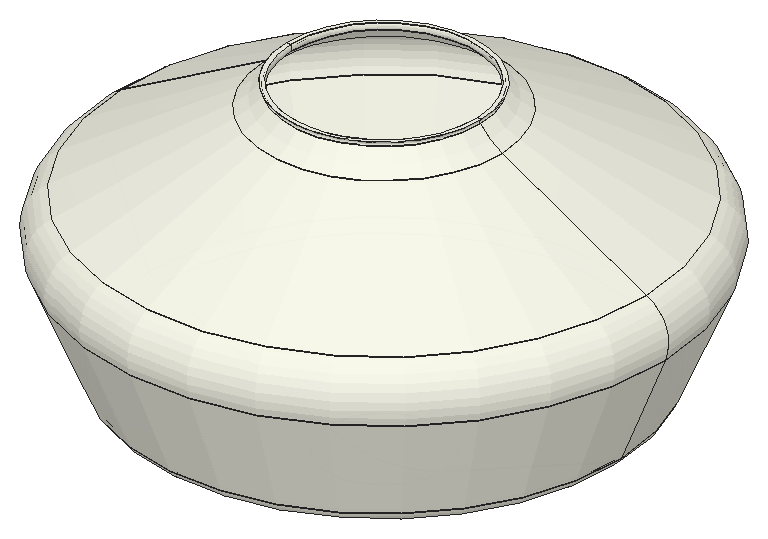
Revit family "SHO16", category Generic Models, Revit 2024
Family settings
  Can host rebar = No
  Round Connector Dimension = Use Diameter
  Part Type = Normal
  Work Plane-Based = No
  Always vertical = Yes
  Cut with Voids When Loaded = No
  Maintain Annotation Orientation = No
  Shared = No
  Room Calculation Point = No
Parameters
  Default Elevation = 0' - 0"
Reference planes (in)
  plane 1 "Center (Front/Back)": y = 0
  plane 2: z = 0
  plane 3 "Center (Left/Right)": x = 0
Forms (in)
  Revolve 1, solid, material "OPAL"
    sketch origin (0, 0, 0) x (1, 0, 0) y (0, 0, 1)
      loop
        arc (2.70494, 39.30842) -> (2.70053, 39.38298) -> (2.75308, 39.43604) r 0.09162
        line (2.75308, 39.43604) -> (2.62173, 39.43604)
        arc (2.62173, 39.43604) -> (2.601, 39.34409) -> (2.62817, 39.25383) r 0.18537
        arc (2.62817, 39.25383) -> (2.93338, 38.95546) -> (3.2834, 38.71121) r 2.59258
        line (3.2834, 38.71121) -> (7.35337, 36.55399)
        arc (7.35337, 36.55399) -> (7.85021, 35.97795) -> (7.82613, 35.21762) r 1.04725
        line (7.82613, 35.21762) -> (6.58803, 32.31642)
        arc (6.58803, 32.31642) -> (6.48427, 32.16407) -> (6.33047, 32.06247) r 0.47675
        arc (6.33047, 32.06247) -> (3.93453, 31.19848) -> (1.60763, 30.16284) r 35.06247
        arc (1.60763, 30.16284) -> (0.81757, 29.93946) -> (0, 29.86416) r 4.47587
        line (0, 29.86416) -> (0, 29.77041)
        arc (0, 29.77041) -> (0.83673, 29.84767) -> (1.64516, 30.07683) r 4.56962
        arc (1.64516, 30.07683) -> (3.96927, 31.1114) -> (6.36244, 31.97426) r 34.96872
        arc (6.36244, 31.97426) -> (6.5487, 32.09595) -> (6.67426, 32.27963) r 0.5705
        line (6.67426, 32.27963) -> (7.91236, 35.18083)
        arc (7.91236, 35.18083) -> (7.9386, 36.00922) -> (7.39727, 36.63682) r 1.141
        line (7.39727, 36.63682) -> (3.32896, 38.79317)
        arc (3.32896, 38.79317) -> (2.99595, 39.02537) -> (2.70494, 39.30842) r 2.49883
      axis (0, 39.43604) -> (0, 29.77041)
    angle from 0 to 360
Dimensions and locks (in)
  aligned and locked: plane 2 to level
